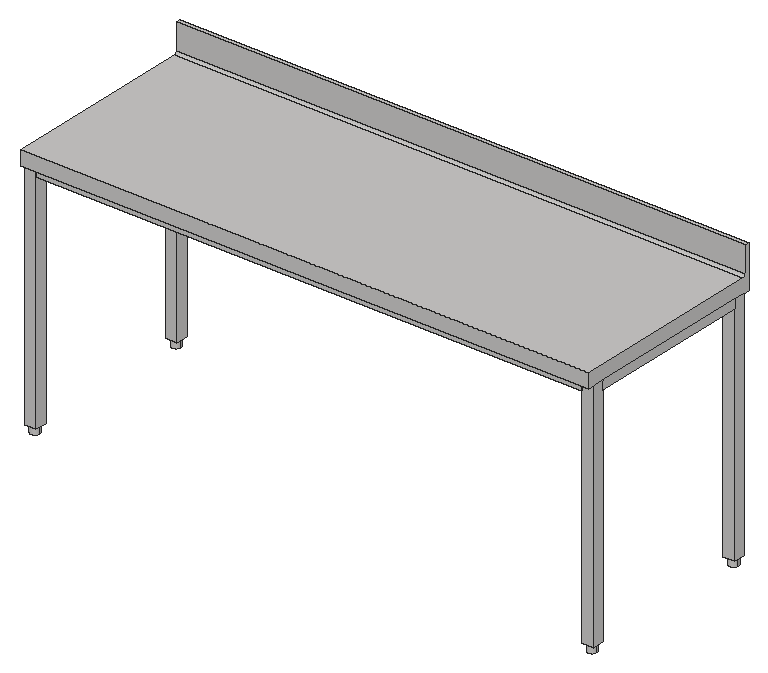
Revit family "QF_ELECTROLUXPROFESSIONAL_134021_GTG2010E", category Attrezzature speciali, Revit 2020
Family settings
  Quota connettore circolare = Usa diametro
  Tipo di parte = Normale
  Basato su piano di lavoro = No
  Sempre verticale = Sì
  Taglio con vuoti quando caricato = No
  Condiviso = No
  Punto di calcolo locali = No
Parameters (values of type "Standard")
  Weight = 56.50 kg
  Watts = 0 W
  Volts = 0 V
  URL Manufacturer = "https://www.electroluxprofessional.com/"
  URL = "https://www.electroluxprofessional.com/"
  Steam Supply Size = 0 mm
  Steam Supply Minimum Pressure = 0.0 Pa
  Steam Supply Maximum Pressure = 0.0 Pa
  Steam Consumption per Hour = 0
  Refrigeration Suction Line Size = 0.0 mm
  Refrigeration Liquid Line Size = 0.0 mm
  Refrigerant Compressor Remote = yes
  Prospetto di default = 0.0 mm
  Produttore = "Electrolux Professional"
  Phase = 0
  Modello = "GTG2010E"
  Length Actual = 2000.0 mm  # constant formula
  Item Number = "134021"
  Hot Water Size = 0 mm
  Height Actual = 1000.0 mm  # constant formula
  HP = "0 HP"
  Gas Size = 0 mm
  Gas KW = 0
  Gas Input Pressure = 0 W
  Direct Waste Size = 0 mm
  Descrizione = "WORK TABLE WITH UPSTAND 2000 MM"
  Depth Actual = 700.0 mm  # constant formula
  Cycle = 0 Hz
  Condensate Return Size = 0 mm
  Compressed Air Volume = 0.0 L/s
  Compressed Air Size = 0 mm
  Compressed Air Pressure = 0.0 Pa
  Cold Water Size = 0 mm
  Accessory = yes
Reference planes
  plane 1 "Center (Front/Back)": y = 0
  plane 2: z = 0
  plane 3 "Center (Left/Right)": x = -500
  plane 4 "LEFT": x = -1500
  plane 5 "RIGHT": x = 500
  plane 6 "BACK": y = 350
  plane 7 "FRONT": y = -350
  plane 8 "Base": z = 850
  plane 9 "TOP": z = 900
  plane 10: x = -1480
  plane 11: x = 480
  plane 12: y = 310
  plane 13: y = -310
  plane 14 "TRAVERSI": z = 820
  plane 15: x = -1460
  plane 16: x = 460
  plane 17: y = 290
  plane 18: y = -290
  plane 19: y = 330
  plane 20: y = -330
Forms (mm)
  Extrusion 1, solid, material "QF_Finishes_Stainless Steel"
    sketch origin (-500, 0, 0) x (0, 1, 0) y (0, 0, 1)
      loop
        line (-350, 850) -> (350, 850) -> (350, 1000) -> (337, 1000) -> (337, 910)
        arc (337, 910) -> (334.071, 902.929) -> (327, 900) r 10
        line (327, 900) -> (-350, 900) -> (-350, 850)
    from 1000 to -1000
  Extrusion 2, solid, material "QF_Finishes_Stainless Steel"
    sketch origin (0, 0, 820) x (0, 1, 0) y (-1, 0, 0)
      loop
        line (290, -460) -> (-290, -460) -> (-290, -500) -> (290, -500) -> (290, -460)
      loop
        line (290, 1500) -> (-290, 1500) -> (-290, 1460) -> (290, 1460) -> (290, 1500)
    from 0 to 30
  Extrusion 3, solid, material "QF_Finishes_Stainless Steel"
    sketch origin (0, 0, 820) x (0, 1, 0) y (-1, 0, 0)
      loop
        line (330, -460) -> (330, 1460) -> (290, 1460) -> (290, -460) -> (330, -460)
      loop
        line (-290, 1460) -> (-330, 1460) -> (-330, -460) -> (-290, -460) -> (-290, 1460)
    from 0 to 30
Lines and regions (mm)
  symbolic lines
    curve 1: line (500, 350, 900) -> (-1500, 350, 900)
    curve 2: line (-1500, 350, 900) -> (-1500, -350, 900)
    curve 3: line (-1500, -350, 900) -> (500, -350, 900)
    curve 4: line (500, -350, 900) -> (500, 350, 900)
    curve 5: line (-1500, 337, 820) -> (500, 337, 820)
Dimensions and locks
  plane 4 "LEFT" to plane 5 "RIGHT" = 2000.0 mm
  equal spacing: plane 4 "LEFT", plane 3 "Center (Left/Right)", plane 5 "RIGHT"
  plane 4 "LEFT" to plane 10 = 20.0 mm
  plane 11 to plane 5 "RIGHT" = 20.0 mm
  plane 10 to plane 11 = 1960.0 mm
  plane 6 "BACK" to plane 12 = 40.0 mm
  plane 13 to plane 7 "FRONT" = 40.0 mm
  plane 6 "BACK" to plane 7 "FRONT" = 700.0 mm
  plane 12 to plane 13 = 620.0 mm
  equal spacing: plane 6 "BACK", plane 1 "Center (Front/Back)", plane 7 "FRONT"
  plane 8 "Base" to plane 14 "TRAVERSI" = 30.0 mm
  locked: plane 10 to plane 15 at 20
  locked: plane 16 to plane 11 at 20
  locked: plane 19 to plane 12 at 20
  locked: plane 12 to plane 17 at 20
  locked: plane 18 to plane 13 at 20
  locked: plane 13 to plane 20 at 20
  locked: plane 8 "Base" to level at 850
  locked: Extrusion 1 to level at 1000
  aligned and locked: level to plane 2
  aligned and locked: plane 10 to nested 1
  aligned and locked: nested 1 to plane 13
  aligned and locked: plane 11 to nested 2
  aligned and locked: nested 2 to plane 13
  aligned and locked: plane 11 to nested 4
  aligned and locked: nested 4 to plane 12
  aligned and locked: plane 10 to nested 3
  aligned and locked: nested 3 to plane 12
  aligned and locked: Extrusion 1 to plane 4 "LEFT"
  aligned and locked: plane 5 "RIGHT" to Extrusion 1
  aligned and locked: curve 2 to plane 4 "LEFT"
  aligned and locked: Extrusion 2 sketch curve to plane 5 "RIGHT"
  aligned and locked: Extrusion 2 sketch curve to plane 17  (x2)
  aligned and locked: plane 16 to Extrusion 2 sketch curve
  aligned and locked: plane 18 to Extrusion 2 sketch curve  (x2)
  aligned and locked: plane 4 "LEFT" to Extrusion 2 sketch curve
  aligned and locked: Extrusion 2 sketch curve to plane 15
  aligned and locked: plane 19 to Extrusion 3 sketch curve
  aligned and locked: Extrusion 3 sketch curve to plane 17
  aligned and locked: Extrusion 3 sketch curve to plane 18
  aligned and locked: plane 20 to Extrusion 3 sketch curve
  aligned and locked: Extrusion 3 sketch curve to plane 15
  aligned and locked: plane 15 to Extrusion 3 sketch curve
  aligned and locked: plane 16 to Extrusion 3 sketch curve
  aligned and locked: Extrusion 3 sketch curve to plane 16
  aligned and locked: curve 5 to Extrusion 1
Automatic sketch dimensions
  curve 3 to plane 7 "FRONT" = 0.0 mm
  curve 4 to plane 6 "BACK" = 0.0 mm
  curve 4 to plane 5 "RIGHT" = 0.0 mm
  Extrusion 1 sketch curve to plane 7 "FRONT" = 0.0 mm
  Extrusion 1 sketch curve to plane 9 "TOP" = 0.0 mm
  Extrusion 1 sketch curve to plane 6 "BACK" = 0.0 mm
  Extrusion 1 sketch curve to plane 8 "Base" = 0.0 mm
  Extrusion 1 sketch curve to plane 19 = 3.0 mm
  plane 19 to Extrusion 1 sketch curve = 7.0 mm
  Extrusion 1 sketch curve to Extrusion 1 sketch curve = 90.0 mm
  curve 5 to plane 5 "RIGHT" = 0.0 mm
  curve 5 to plane 4 "LEFT" = 0.0 mm
Nested families
  nested 1: "FEET_40x40_R" at (-1480, -310, 0), type "FEET_40x40_R"
  nested 2: "FEET_40x40_R" at (480, -310, 0), type "FEET_40x40_R"
  nested 3: "FEET_40x40_R" at (-1480, 310, 0), type "FEET_40x40_R"
  nested 4: "FEET_40x40_R" at (480, 310, 0), type "FEET_40x40_R"
Definition of nested family "FEET_40x40_R"
  Parameters
    Default Elevation = 0.0 mm
    FEET = 850.0 mm
  Reference planes
    plane 1 "Center (Front/Back)": y = 0
    plane 2: z = 0
    plane 3 "Center (Left/Right)": x = 0
    plane 4: z = 850
  Forms (mm)
    Extrusion 1, solid
      sketch origin (0, 0, 0) x (1, 0, 0) y (0, 1, 0)
        loop
          line (-20, -20) -> (20, -20) -> (20, 20) -> (-20, 20) -> (-20, -20)
      from 25 to 850
    Extrusion 2, solid
      sketch origin (0, 0, 0) x (1, 0, 0) y (0, 1, 0)
        loop
          circle (0, 0) r 16
      from 0 to 25
  Lines and regions (mm)
    symbolic lines
      curve 1: line (0, -1.503, 0) -> (0, 1.508, 0)
      curve 2: line (1.561, 0, 0) -> (-1.439, 0, 0)
  Dimensions and locks
    "FEET": plane 4 to plane 2
    aligned and locked: level to plane 2
  Automatic sketch dimensions
    Extrusion 1 sketch curve to plane 3 "Center (Left/Right)" = 20.0 mm
    plane 3 "Center (Left/Right)" to Extrusion 1 sketch curve = 20.0 mm
    plane 1 "Center (Front/Back)" to Extrusion 1 sketch curve = 20.0 mm
    Extrusion 1 sketch curve to plane 1 "Center (Front/Back)" = 20.0 mm
    plane 1 "Center (Front/Back)" to Extrusion 2 sketch curve = 0.0 mm
    Extrusion 2 sketch curve to plane 3 "Center (Left/Right)" = 0.0 mm
    plane 1 "Center (Front/Back)" to curve 2 = 0.0 mm
    curve 1 to plane 3 "Center (Left/Right)" = 0.0 mm
    curve 2 to plane 3 "Center (Left/Right)" = 1.439 mm
    plane 3 "Center (Left/Right)" to curve 2 = 1.561 mm
    plane 1 "Center (Front/Back)" to curve 1 = 1.503 mm
    curve 1 to plane 1 "Center (Front/Back)" = 1.508 mm
    radius of Extrusion 2 sketch curve = 16.0 mm
